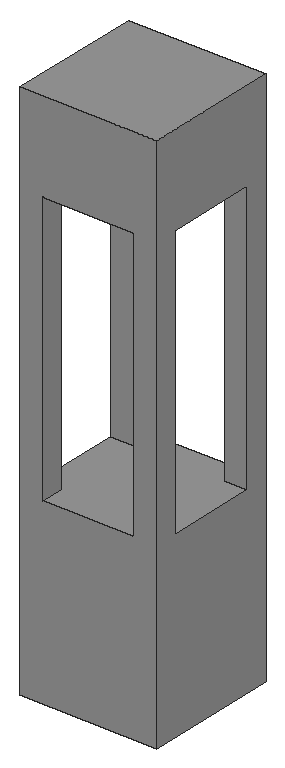
Revit family "Lacuna Plaza 12W", category Lighting Fixtures, host Face, Revit 2016
Family settings
  Host = Face
  Part Type = Normal
  Round Connector Dimension = Use Diameter
  OmniClass Number = 23.80.70.14.11
  OmniClass Title = Amenity Lighting
  Cut with Voids When Loaded = No
  Light Source = Yes
  Shared = No
  Room Calculation Point = No
Parameters (values of type "Lacuna Plaza 12W, Neutral White, White, 230V - 53UL392N012X")
  Wattage Comments = "12W"
  Wattage = 12 W
  built-in parameter 1150110 = 1 (stored number, unit not read)
  Voltage = 230 V
  URL = "www.winled.fi"
  Type Image = Lacuna Plaza 12W.png
  built-in parameter 1114217 = 1 (stored number, unit not read)
  Tilt Angle = 90.00°
  built-in parameter 1150109 = 1 (stored number, unit not read)
  built-in parameter 1150134 = 12
  built-in parameter 1150113 = 1 (stored number, unit not read)
  Product Number = "53UL392N012X"
  Photometric Web File = "Lacuna Plaza 12W.ies"
  Operating Temperature Range = "-20° to +50°"
  Model = "Lacuna Plaza 12W"
  Manufacturer = "Winled Oy Ltd"
  built-in parameter 1150105 = 68.917 (stored number, unit not read)
  Lumens = 866.04 lm
  built-in parameter 1150115 = 1 (stored number, unit not read)
  Lumens Output = "866lm"
  built-in parameter 1150137 = (empty or 0)
  built-in parameter 1150139 = (empty or 0)
  Lifetime L70 = "50000h"
  Last Updated = "28.2.2017"
  built-in parameter 1150112 = 1 (stored number, unit not read)
  built-in parameter 1150114 = 1 (stored number, unit not read)
  Lamp = "LED"
  built-in parameter 1150132 = (empty or 0)
  built-in parameter 1150102 = (empty or 0)
  built-in parameter 1150107 = 4000 (stored number, unit not read)
  built-in parameter 1150138 = (empty or 0)
  built-in parameter 1150106 = 0.68917 (stored number, unit not read)
  IP Code = "IP54"
  Housing Material = "Aluminium"
  built-in parameter 1150104 = 6.7048 (stored number, unit not read)
  Driver = "Integrated"
  Directivity = "No"
  Dimming Lamp Color Temperature Shift = <None>
  Dimmable = "No"
  Dimensions = "150mm x 150mm x 600mm"
  Description = "Pathway light"
  Depth = "-"
  Default Elevation = 2300 mm
  Cutout = "-"
  Color Temperature = "4000K"
  Color Filter = 16777215
  Color = White Metal
  Casing Color = "White"
  CRI = "84"
  Beam Angle = "120°"
  built-in parameter 1114218 = 1 (stored number, unit not read)
  built-in parameter 1150133 = 10 (stored number, unit not read)
Reference planes
  plane 1 "Center (Front/Back)": y = 0
  plane 2: z = 0
  plane 3 "Center (Left/Right)": x = 0
Forms (mm)
  Extrusion 1, solid
    sketch origin (0, 0, 0) x (1, 0, 0) y (0, 1, 0)
      loop
        line (-75, 75) -> (-75, -75) -> (75, -75) -> (75, 75) -> (-75, 75)
    from 0 to 600
  Extrusion 2, void
    sketch origin (0, 0, 0) x (1, 0, 0) y (0, 1, 0)
      loop
        line (-50, 75) -> (-50, 50) -> (-75, 50) -> (-75, -50) -> (-50, -50) -> (-50, -75) -> (50, -75) -> (50, -50) -> (75, -50) -> (75, 50) -> (50, 50) -> (50, 75) -> (-50, 75)
    from 200 to 500
Cuts and joins
  Extrusion 2 cuts Extrusion 1
Lines and regions (mm)
  symbolic lines
    curve 1: line (75, -75, 0) -> (75, 75, 0)
    curve 2: line (75, 75, 0) -> (-75, 75, 0)
    curve 3: line (-75, 75, 0) -> (-75, -75, 0)
    curve 4: line (-75, -75, 0) -> (75, -75, 0)
    curve 5: line (75, 75, 0) -> (-75, -75, 0)
    curve 6: line (-75, 75, 0) -> (75, -75, 0)
Dimensions and locks
  aligned and locked: plane 2 to host face
  aligned and locked: level to host face
Connectors
  electrical at (0, 0, 0)
    settings: on cut or joined group of Extrusion 1, Extrusion 2, index 1, voltage 230 V, apparent load 0 VA, apparent load phase1 12 VA, apparent load phase2 0 VA, apparent load phase3 0 VA, power factor 1, load classification "Lighting", number of poles 1, system type 31, power factor state 1, is connector primary yes, connector utility no, sub classification motor no, connector description ""
